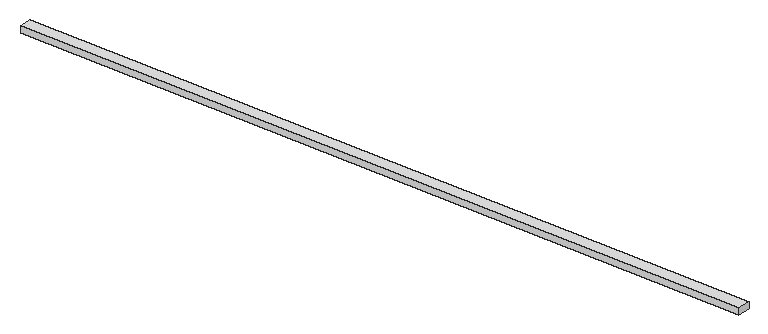
Revit family "MarshallTufflex_ElectricalFittings_TrunkingDado_Mini_MMT5a", category Generic Models, host Face, Revit 2016
Family settings
  Host = Face
  Part Type = Normal
  Can host rebar = No
  Round Connector Dimension = Use Diameter
  OmniClass Number = 23.80.30.17.14
  OmniClass Title = Wireways
  Cut with Voids When Loaded = Yes
  Shared = Yes
  Room Calculation Point = No
Parameters (values of type "MMT5")
  _DistributedBy = "www.bimstore.co.uk"
  _CurrentRevision = 1
  _CreatedBy = "www.marshall-tufflex.com"
  _BimSpecGuid = 0
  _BSBibleVersion = 15
  _AuthorizedBy = "IH"
  _Author = "Marshall-Tufflex Ltd"
  Weekly [instance] = "Please Record On Commisioning"
  WarrantyStartDate [instance] = "Please Record On Commisioning"
  WarrantyID [instance] = "Please Record On Commisioning"
  WarrantyGuarantorParts = "Sales@marshall-tufflex.com"
  WarrantyGuarantorLabor [instance] = "Please Record On Commisioning"
  WarrantyDurationUnit = "Years"
  WarrantyDurationParts = 0
  WarrantyDurationLabor = 0
  WarrantyDescription [instance] = "Please Record On Commisioning"
  URL = "www.marshall-tufflex.com"
  TypeName = "Marshall Tufflex Electrical Fitting Trunking Dado Mini"
  Type Comments = "Dado Trunking Single Compartment With Cover"
  Type = "Trunking"
  Sub-Type = "Dado"
  SquareAngleUp [instance] = no
  SquareAngleDown [instance] = no
  SpareParts = "Sales@marshall-tufflex.com"
  ShippingWeight = 0
  Shape = "50x25mm"
  SerialNumber [instance] = "Please Record On Commisioning"
  ResponsibleSourcingOfMaterials = "n/a"
  ResponsibleExtractionOfMaterials = "n/a"
  ReplacementCost = "Sales@marshall-tufflex.com"
  ReferencedStandard = "BS EN 50085-1"
  ReferenceStandard = "BS EN 50085-1"
  Quarterly [instance] = "Please Record On Commisioning"
  ProductionYear = "2018"
  ProductRange = "Mini"
  ProductModelNumber = "MMT5"
  ProductLiterature = "www.marshall-tufflex.com"
  OverallWidth = 25.000 mm
  OverallLength [instance] = 3000.000 mm
  OverallHeight = 50.000 mm
  O&Mmanual = "www.marshall-tufflex.com"
  NominalLength = 3000.000 mm
  NominalHeight = 50.000 mm
  NominalDepth = 25.000 mm
  NBSReference = "90-55-10/390"
  NBSOfficeMasterTag = "n/a"
  NBSObjectName = "MT MiniTrunkingMMT5"
  NBSNote = ""
  NBSDescription = "Proprietry Tunking"
  Monthly [instance] = "Please Record On Commisioning"
  ModelReference = "Mini"
  ModelNumber = "MMT5"
  Model = "Mini"
  MaterialIngredientReporting = "n/a"
  Material = "PVCu"
  ManufacturerWebsite = "www.marshall-tufflex.com"
  ManufacturerName = "Marshall-Tufflex Ltd"
  Manufacturer = "Marshall-Tufflex Ltd"
  LocationOfManufacturer = "N 50°52'39\" E 0°31'41\""
  LifeCycleAnalysis = "n/a"
  LidConfiguration = "Tamper Proof"
  Keynote = "V90"
  InternalBend [instance] = no
  InstallationDate [instance] = "Please Record On Commisioning"
  IfcExportType = "IfcCableSegmentType"
  IfcExportAs = "IfcFlowSegment"
  GrossWeight = 0
  GreenGuideforSpecification = 0
  Grade = "n/a"
  Fittings = "www.marshall-tufflex.com"
  Finish = "Matt"
  Features = "Variety of sizes, self-fixing and punched options"
  ExternalBend [instance] = no
  ExpectedLife = 0
  ErPEnergyLabel = "n/a"
  EqualSquareTeeUp [instance] = no
  EqualSquareTeeDown [instance] = no
  EnvironmentalProductDeclaration = "n/a"
  EnergyTechnologyList = "n/a"
  EndCapRH [instance] = no
  EndCapLH [instance] = no
  EnclosureRating = "IP4X"
  EmbodiedCarbon = 0
  DurationUnit = "Years"
  DocumentationTechnical = "www.marshall-tufflex.com"
  DocumentationMaintenance = "www.marshall-tufflex.com"
  DocumentationLiterature = "www.marshall-tufflex.com"
  DocumentationInstallationGuide = "www.marshall-tufflex.com"
  DocumentationCertificates = "www.marshall-tufflex.com"
  Description = "Trunking Dado MT Mini MMT5"
  Default Elevation = 1200.000 mm
  Daily [instance] = "Please Record On Commisioning"
  CreatedOn = "2018-11-26T09:00:00"
  CreatedBy = "Sales@marshall-tufflex.com"
  Coupler [instance] = no
  Cost = 0
  Constituents = "Mini Trunking"
  Compartments = "No"
  Colour = "White (RAL9003)"
  Color = "White (RAL9003)"
  CodePerformance = "n/a"
  ClassificationValue = "Pr_65_70_11_61"
  ClassificationName = "Uniclass2015"
  CEApproval = "Yes"
  BespokeTimeframe [instance] = "Please Record On Commisioning"
  BarCode [instance] = "Please Record On Commisioning"
  BIMObjectName = "MarshallTufflex_ElectricalFittings_TrunkingDado_Mini_MMT5"
  AssetType = "Fixed"
  AssetIdentifier [instance] = "Please Record On Commisioning"
  Assembly Code = "D5010"
  Annually [instance] = "Please Record On Commisioning"
  AccessoryBoxDepth = "n/a"
  Accessories = "www.marshall-tufflex.com"
  AccessibilityPerformance = "n/a"
  AccessClearanceTop = 0.000 mm
  AccessClearanceRight = 0.000 mm
  AccessClearanceRear = 0.000 mm
  AccessClearanceLeft = 0.000 mm
  AccessClearanceFront = 0.000 mm
  AccessClearanceBottom = 0.000 mm
  6Monthly [instance] = "Please Record On Commisioning"
Reference planes
  plane 1 "Center (Front/Back)": y = 0
  plane 2: z = 0
  plane 3 "Center (Left/Right)": x = 0
  plane 4: x = 3000
  plane 5: y = -25
  plane 6: y = 25
  plane 7: z = 25
Forms (mm)
  Extrusion 1, solid, material "PVC, Unplasticized"
    sketch origin (0, 0, 0) x (0, 1, 0) y (0, 0, 1)
      loop
        line (25, 0) -> (25, 25) -> (-25, 25) -> (-25, 0) -> (25, 0)
    from 0 to 3000
Dimensions and locks
  "OverallLength": plane 4 to plane 3 "Center (Left/Right)"
  plane 3 "Center (Left/Right)" to plane 4 = 3000.000 mm
  equal spacing: plane 6, plane 1 "Center (Front/Back)", plane 5
  "OverallHeight": plane 6 to plane 5
  "OverallWidth": plane 7 to host face
  aligned and locked: plane 2 to host face
  aligned and locked: level to host face
  aligned and locked: plane 7 to Extrusion 1 sketch curve
  aligned and locked: Extrusion 1 sketch curve to level
  aligned and locked: Extrusion 1 sketch curve to plane 5
  aligned and locked: plane 6 to Extrusion 1 sketch curve
  aligned and locked: Extrusion 1 to plane 4
  aligned and locked: nested 1 to plane 4
  aligned and locked: plane 1 "Center (Front/Back)" to nested 1
  aligned and locked: plane 3 "Center (Left/Right)" to nested 2
  aligned and locked: plane 1 "Center (Front/Back)" to nested 2
  aligned and locked: nested 3 to plane 4
  aligned and locked: plane 1 "Center (Front/Back)" to nested 3
  aligned and locked: plane 4 to nested 5
  aligned and locked: plane 1 "Center (Front/Back)" to nested 5
  aligned and locked: nested 4 to plane 4
  aligned and locked: nested 4 to plane 1 "Center (Front/Back)"
  aligned and locked: nested 6 to plane 4
  aligned and locked: plane 1 "Center (Front/Back)" to nested 6
  aligned and locked: nested 7 to plane 4
  aligned and locked: plane 1 "Center (Front/Back)" to nested 7
  aligned and locked: nested 8 to plane 4
  aligned and locked: plane 1 "Center (Front/Back)" to nested 8
  aligned and locked: plane 4 to nested 9
  aligned and locked: plane 1 "Center (Front/Back)" to nested 9
Automatic sketch dimensions
  host sketch curve to host sketch curve = 2438.400 mm  (x2)
Nested families
  nested 1: "MarshallTufflex_ElectricalFittings_TrunkingDado_Coupler" at (2957.5, 0, 0), visible <- "Coupler", type "MarshallTufflex_ElectricalFittings_TrunkingDado_Mini_Coupler_TC5"
    with Weekly "Please Record On Commisioning", WarrantyStartDate "Please Record On Commisioning", WarrantyID "Please Record On Commisioning", WarrantyGuarantorLabor "Please Record On Commisioning", WarrantyDescription "Please Record On Commisioning", SerialNumber "Please Record On Commisioning", Quarterly "Please Record On Commisioning", Monthly "Please Record On Commisioning", InstallationDate "Please Record On Commisioning", Daily "Please Record On Commisioning", BespokeTimeframe "Please Record On Commisioning", BarCode "Please Record On Commisioning", AssetIdentifier "Please Record On Commisioning", Annually "Please Record On Commisioning", 6Monthly "Please Record On Commisioning"
  nested 2: "MarshallTufflex_ElectricalFittings_TrunkingDado_EndCap" at (-2, 0, 0), visible <- "EndCapLH", type "MarshallTufflex_ElectricalFittings_TrunkingDado_Mini_EndCap_TEC5"
    with Weekly "Please Record On Commisioning", WarrantyStartDate "Please Record On Commisioning", WarrantyID "Please Record On Commisioning", WarrantyGuarantorLabor "Please Record On Commisioning", WarrantyDescription "Please Record On Commisioning", SerialNumber "Please Record On Commisioning", Quarterly "Please Record On Commisioning", Monthly "Please Record On Commisioning", InstallationDate "Please Record On Commisioning", Daily "Please Record On Commisioning", BespokeTimeframe "Please Record On Commisioning", BarCode "Please Record On Commisioning", AssetIdentifier "Please Record On Commisioning", Annually "Please Record On Commisioning", 6Monthly "Please Record On Commisioning"
  nested 3: "MarshallTufflex_ElectricalFittings_TrunkingDado_EndCap" at (3000, 0, 0), visible <- "EndCapRH", type "MarshallTufflex_ElectricalFittings_TrunkingDado_Mini_EndCap_TEC5"
    with Weekly "Please Record On Commisioning", WarrantyStartDate "Please Record On Commisioning", WarrantyID "Please Record On Commisioning", WarrantyGuarantorLabor "Please Record On Commisioning", WarrantyDescription "Please Record On Commisioning", SerialNumber "Please Record On Commisioning", Quarterly "Please Record On Commisioning", Monthly "Please Record On Commisioning", InstallationDate "Please Record On Commisioning", Daily "Please Record On Commisioning", BespokeTimeframe "Please Record On Commisioning", BarCode "Please Record On Commisioning", AssetIdentifier "Please Record On Commisioning", Annually "Please Record On Commisioning", 6Monthly "Please Record On Commisioning"
  nested 4: "MarshallTufflex_ElectricalFittings_TrunkingDado_SquareEqualTee" at (3000, -42.5, 0) x (0, 1, 0) z (0, 0, 1), visible <- "EqualSquareTeeDown", type "MarshallTufflex_ElectricalFittings_TrunkingDado_Mini_EqualSquareTee_TT5-5"
    with Weekly "Please Record On Commisioning", WarrantyStartDate "Please Record On Commisioning", WarrantyID "Please Record On Commisioning", WarrantyGuarantorLabor "Please Record On Commisioning", WarrantyDescription "Please Record On Commisioning", SerialNumber "Please Record On Commisioning", Quarterly "Please Record On Commisioning", Monthly "Please Record On Commisioning", InstallationDate "Please Record On Commisioning", Daily "Please Record On Commisioning", BespokeTimeframe "Please Record On Commisioning", BarCode "Please Record On Commisioning", AssetIdentifier "Please Record On Commisioning", Annually "Please Record On Commisioning", 6Monthly "Please Record On Commisioning"
  nested 5: "MarshallTufflex_ElectricalFittings_TrunkingDado_SquareEqualTee" at (3000, 42.5, 0) x (0, -1, 0) z (0, 0, 1), visible <- "EqualSquareTeeUp", type "MarshallTufflex_ElectricalFittings_TrunkingDado_Mini_EqualSquareTee_TT5-5"
    with Weekly "Please Record On Commisioning", WarrantyStartDate "Please Record On Commisioning", WarrantyID "Please Record On Commisioning", WarrantyGuarantorLabor "Please Record On Commisioning", WarrantyDescription "Please Record On Commisioning", SerialNumber "Please Record On Commisioning", Quarterly "Please Record On Commisioning", Monthly "Please Record On Commisioning", InstallationDate "Please Record On Commisioning", Daily "Please Record On Commisioning", BespokeTimeframe "Please Record On Commisioning", BarCode "Please Record On Commisioning", AssetIdentifier "Please Record On Commisioning", Annually "Please Record On Commisioning", 6Monthly "Please Record On Commisioning"
  nested 6: "MarshallTufflex_ElectricalFittings_TrunkingDado_InternalBend" at (3000, 0, 0), visible <- "InternalBend", type "MarshallTufflex_ElectricalFittings_TrunkingDado_Mini_InternalBend_TIB5"
    with Weekly "Please Record On Commisioning", WarrantyStartDate "Please Record On Commisioning", WarrantyID "Please Record On Commisioning", WarrantyGuarantorLabor "Please Record On Commisioning", WarrantyDescription "Please Record On Commisioning", SerialNumber "Please Record On Commisioning", Quarterly "Please Record On Commisioning", Monthly "Please Record On Commisioning", InstallationDate "Please Record On Commisioning", Daily "Please Record On Commisioning", BespokeTimeframe "Please Record On Commisioning", BarCode "Please Record On Commisioning", AssetIdentifier "Please Record On Commisioning", Annually "Please Record On Commisioning", 6Monthly "Please Record On Commisioning"
  nested 7: "MarshallTufflex_ElectricalFittings_TrunkingDado_ExternalBend" at (3000, 0, 0), visible <- "ExternalBend", type "MarshallTufflex_ElectricalFittings_TrunkingDado_Mini_ExternalBend_TEB5"
    with Weekly "Please Record On Commisioning", WarrantyStartDate "Please Record On Commisioning", WarrantyID "Please Record On Commisioning", WarrantyGuarantorLabor "Please Record On Commisioning", WarrantyDescription "Please Record On Commisioning", SerialNumber "Please Record On Commisioning", Quarterly "Please Record On Commisioning", Monthly "Please Record On Commisioning", InstallationDate "Please Record On Commisioning", Daily "Please Record On Commisioning", BespokeTimeframe "Please Record On Commisioning", BarCode "Please Record On Commisioning", AssetIdentifier "Please Record On Commisioning", Annually "Please Record On Commisioning", 6Monthly "Please Record On Commisioning"
  nested 8: "MarshallTufflex_ElectricalFittings_TrunkingDado_SquareAngle" at (3000, 0, 0), visible <- "SquareAngleDown", type "MarshallTufflex_ElectricalFittings_TrunkingDado_Mini_SquareAngle_TFB5"
    with Weekly "Please Record On Commisioning", WarrantyStartDate "Please Record On Commisioning", WarrantyID "Please Record On Commisioning", WarrantyGuarantorLabor "Please Record On Commisioning", WarrantyDescription "Please Record On Commisioning", SerialNumber "Please Record On Commisioning", Quarterly "Please Record On Commisioning", Monthly "Please Record On Commisioning", InstallationDate "Please Record On Commisioning", Daily "Please Record On Commisioning", BespokeTimeframe "Please Record On Commisioning", BarCode "Please Record On Commisioning", AssetIdentifier "Please Record On Commisioning", Annually "Please Record On Commisioning", 6Monthly "Please Record On Commisioning"
  nested 9: "MarshallTufflex_ElectricalFittings_TrunkingDado_SquareAngle" at (3000, 0, 0) x (0, -1, 0) z (0, 0, 1), visible <- "SquareAngleUp", type "MarshallTufflex_ElectricalFittings_TrunkingDado_Mini_SquareAngle_TFB5"
    with Weekly "Please Record On Commisioning", WarrantyStartDate "Please Record On Commisioning", WarrantyID "Please Record On Commisioning", WarrantyGuarantorLabor "Please Record On Commisioning", WarrantyDescription "Please Record On Commisioning", SerialNumber "Please Record On Commisioning", Quarterly "Please Record On Commisioning", Monthly "Please Record On Commisioning", InstallationDate "Please Record On Commisioning", Daily "Please Record On Commisioning", BespokeTimeframe "Please Record On Commisioning", BarCode "Please Record On Commisioning", AssetIdentifier "Please Record On Commisioning", Annually "Please Record On Commisioning", 6Monthly "Please Record On Commisioning"
Definition of nested family "MarshallTufflex_ElectricalFittings_TrunkingDado_Coupler"
  Parameters (values of type "MarshallTufflex_ElectricalFittings_TrunkingDado_Mini_Coupler_TC6")
    _DistributedBy = "www.bimstore.co.uk"
    _CurrentRevision = 1
    _CreatedBy = "www.marshall-tufflex.com"
    _BimSpecGuid = 0
    _BSBibleVersion = 15
    _AuthorizedBy = ""
    _Author = "Marshall-Tufflex Ltd"
    Weekly [instance] = "Please Record On Commisioning"
    WarrantyStartDate [instance] = "Please Record On Commisioning"
    WarrantyID [instance] = "Please Record On Commisioning"
    WarrantyGuarantorParts = "Sales@marshall-tufflex.com"
    WarrantyGuarantorLabor [instance] = "Please Record On Commisioning"
    WarrantyDurationUnit = "Years"
    WarrantyDurationParts = 0
    WarrantyDurationLabor = 0
    WarrantyDescription [instance] = "Please Record On Commisioning"
    URL = "www.marshall-tufflex.com"
    TypeName = "Marshall Tufflex Electrical Fitting Trunking Dado Mini"
    Type Comments = "Dado Trunking MMT6 Coupler"
    Type = "Trunking"
    Sub-Type = "Fitting"
    SpareParts = "Sales@marshall-tufflex.com"
    ShippingWeight = 0
    Shape = "40x40mm"
    SerialNumber [instance] = "Please Record On Commisioning"
    ResponsibleSourcingOfMaterials = "n/a"
    ResponsibleExtractionOfMaterials = "n/a"
    ReplacementCost = "Sales@marshall-tufflex.com"
    ReferencedStandard = "BS EN 50085-1"
    ReferenceStandard = "BS EN 50085-1"
    Quarterly [instance] = "Please Record On Commisioning"
    ProductionYear = "2018"
    ProductRange = "Mini"
    ProductModelNumber = "TC6"
    ProductLiterature = "www.marshall-tufflex.com"
    OverallWidth = 40.000 mm
    OverallLength = 50.000 mm
    OverallHeight = 40.000 mm
    O&Mmanual = "www.marshall-tufflex.com"
    NominalLength = 50.000 mm
    NominalHeight = 40.000 mm
    NominalDepth = 40.000 mm
    NBSReference = "90-55-10/390"
    NBSOfficeMasterTag = "n/a"
    NBSObjectName = "MT MiniCouplerTC6"
    NBSNote = ""
    NBSDescription = "Proprietry Tunking"
    Monthly [instance] = "Please Record On Commisioning"
    ModelReference = "Mini"
    ModelNumber = "TC6"
    Model = "Mini"
    MaterialIngredientReporting = "n/a"
    Material = "PVCu"
    ManufacturerWebsite = "www.marshall-tufflex.com"
    ManufacturerName = "Marshall-Tufflex Ltd"
    Manufacturer = "Marshall-Tufflex Ltd"
    LocationOfManufacturer = "N 50°52'39\" E 0°31'41\""
    LifeCycleAnalysis = "n/a"
    LidConfiguration = "Tamper Proof"
    Keynote = "V90"
    InstallationDate [instance] = "Please Record On Commisioning"
    IfcExportType = "IfcCableSegmentType"
    IfcExportAs = "IfcFlowSegment"
    GrossWeight = 0
    GreenGuideforSpecification = 0
    Grade = "n/a"
    Fittings = "www.marshall-tufflex.com"
    Finish = "Matt"
    Features = "Variety of sizes, self-fixing and punched options"
    ExpectedLife = 0
    ErPEnergyLabel = "n/a"
    EnvironmentalProductDeclaration = "n/a"
    EnergyTechnologyList = "n/a"
    EnclosureRating = "IP4X"
    EmbodiedCarbon = 0
    DurationUnit = "Years"
    DocumentationTechnical = "www.marshall-tufflex.com"
    DocumentationMaintenance = "www.marshall-tufflex.com"
    DocumentationLiterature = "www.marshall-tufflex.com"
    DocumentationInstallationGuide = "www.marshall-tufflex.com"
    DocumentationCertificates = "www.marshall-tufflex.com"
    Description = "Trunking Dado MT Mini Coupler TC6"
    Default Elevation = 1200.000 mm
    DatumLine = OverallLength / 2  # 25.000 mm
    Daily [instance] = "Please Record On Commisioning"
    CreatedOn = "2018-11-26T09:00:00"
    CreatedBy = "Sales@marshall-tufflex.com"
    Cost = 0
    Constituents = "Mini Trunking"
    Compartments = "No"
    Colour = "White (RAL9003)"
    Color = "White (RAL9003)"
    CodePerformance = "n/a"
    ClassificationValue = "Pr_65_70_11_61"
    ClassificationName = "Uniclass2015"
    CEApproval = "Yes"
    BespokeTimeframe [instance] = "Please Record On Commisioning"
    BarCode [instance] = "Please Record On Commisioning"
    BIMObjectName = "MarshallTufflex_ElectricalFittings_TrunkingDado_Mini_Coupler_TC6"
    AssetType = "Fixed"
    AssetIdentifier [instance] = "Please Record On Commisioning"
    Assembly Code = "D5010"
    Annually [instance] = "Please Record On Commisioning"
    AccessoryBoxDepth = "n/a"
    Accessories = "www.marshall-tufflex.com"
    AccessibilityPerformance = "n/a"
    AccessClearanceTop = 0.000 mm
    AccessClearanceRight = 0.000 mm
    AccessClearanceRear = 0.000 mm
    AccessClearanceLeft = 0.000 mm
    AccessClearanceFront = 0.000 mm
    AccessClearanceBottom = 0.000 mm
    6Monthly [instance] = "Please Record On Commisioning"
  Types (6, lengths in mm): name | Type Comments | Shape | ProductModelNumber | OverallWidth | OverallLength | OverallHeight | NominalLength | NominalHeight | NominalDepth | NBSObjectName | ModelNumber | Description | DatumLine | BIMObjectName
    MarshallTufflex_ElectricalFittings_TrunkingDado_Mini_Coupler_TC1 | "Dado Trunking MMT1 Coupler" | "19x18mm" | "TC1" | 18.000 | 45.000 | 19.000 | 45.000 | 19.000 | 18.000 | "MT MiniCouplerTC1" | "TC1" | "Trunking Dado MT Mini Coupler TC1" | 22.500 | "MarshallTufflex_ElectricalFittings_TrunkingDado_Mini_Coupler_TC1"
    MarshallTufflex_ElectricalFittings_TrunkingDado_Mini_Coupler_TC2 | "Dado Trunking MMT2 Coupler" | "28x18mm" | "TC2" | 18.000 | 45.000 | 28.000 | 45.000 | 28.000 | 18.000 | "MT MiniCouplerTC2" | "TC2" | "Trunking Dado MT Mini Coupler TC2" | 22.500 | "MarshallTufflex_ElectricalFittings_TrunkingDado_Mini_Coupler_TC2"
    MarshallTufflex_ElectricalFittings_TrunkingDado_Mini_Coupler_TC3 | "Dado Trunking MMT3 Coupler" | "41x18mm" | "TC3" | 18.000 | 45.000 | 41.000 | 45.000 | 41.000 | 18.000 | "MT MiniCouplerTC3" | "TC3" | "Trunking Dado MT Mini Coupler TC3" | 22.500 | "MarshallTufflex_ElectricalFittings_TrunkingDado_Mini_Coupler_TC3"
    MarshallTufflex_ElectricalFittings_TrunkingDado_Mini_Coupler_TC4 | "Dado Trunking MMT4 Coupler" | "41x27mm" | "TC4" | 27.000 | 45.000 | 41.000 | 45.000 | 41.000 | 27.000 | "MT MiniCouplerTC4" | "TC4" | "Trunking Dado MT Mini Coupler TC4" | 22.500 | "MarshallTufflex_ElectricalFittings_TrunkingDado_Mini_Coupler_TC4"
    MarshallTufflex_ElectricalFittings_TrunkingDado_Mini_Coupler_TC5 | "Dado Trunking MMT5 Coupler" | "53x27mm" | "TC5" | 27.000 | 85.000 | 53.000 | 85.000 | 53.000 | 27.000 | "MT MiniCouplerTC5" | "TC5" | "Trunking Dado MT Mini Coupler TC5" | 42.500 | "MarshallTufflex_ElectricalFittings_TrunkingDado_Mini_Coupler_TC5"
    MarshallTufflex_ElectricalFittings_TrunkingDado_Mini_Coupler_TC6 | "Dado Trunking MMT6 Coupler" | "40x40mm" | "TC6" | 40.000 | 50.000 | 40.000 | 50.000 | 40.000 | 40.000 | "MT MiniCouplerTC6" | "TC6" | "Trunking Dado MT Mini Coupler TC6" | 25.000 | "MarshallTufflex_ElectricalFittings_TrunkingDado_Mini_Coupler_TC6"
  Reference planes
    plane 1 "Center (Front/Back)": y = 0
    plane 2: z = 0
    plane 3 "Center (Left/Right)": x = 0
    plane 4: x = 50
    plane 5: y = -20
    plane 6: y = 20
    plane 7: z = 40
    plane 8: x = 25
  Forms (mm)
    Extrusion 1, solid
      sketch origin (0, 0, 0) x (1, 0, 0) y (0, 1, 0)
        loop
          line (-1219.2, 1219.2) -> (-1219.2, -1219.2) -> (1219.2, -1219.2) -> (1219.2, 1219.2) -> (-1219.2, 1219.2)
      from 0 to -304.8
    Extrusion 2, solid
      sketch origin (0, 0, 0) x (1, 0, 0) y (0, 1, 0)
        loop
          line (0, -20) -> (50, -20) -> (50, 20) -> (0, 20) -> (0, -20)
      from 0 to 40
  Dimensions and locks
    "OverallLength": plane 4 to plane 3 "Center (Left/Right)"
    plane 3 "Center (Left/Right)" to plane 4 = 50.000 mm
    equal spacing: plane 6, plane 1 "Center (Front/Back)", plane 5
    "OverallHeight": plane 6 to plane 5
    "OverallWidth": plane 7 to Extrusion 1
    "DatumLine": plane 3 "Center (Left/Right)" to plane 8
    aligned and locked: plane 2 to Extrusion 1
    aligned and locked: level to Extrusion 1
    aligned and locked: plane 6 to Extrusion 2 sketch curve
    aligned and locked: Extrusion 2 sketch curve to plane 5
    aligned and locked: Extrusion 2 sketch curve to plane 4
    aligned and locked: Extrusion 2 sketch curve to plane 3 "Center (Left/Right)"
    aligned and locked: plane 7 to Extrusion 2
  Automatic sketch dimensions
    Extrusion 1 sketch curve to Extrusion 1 sketch curve = 2438.400 mm  (x2)
Definition of nested family "MarshallTufflex_ElectricalFittings_TrunkingDado_EndCap"
  Parameters (values of type "MarshallTufflex_ElectricalFittings_TrunkingDado_Mini_EndCap_TEC1")
    _DistributedBy = "www.bimstore.co.uk"
    _CurrentRevision = 1
    _CreatedBy = "www.marshall-tufflex.com"
    _BimSpecGuid = 0
    _BSBibleVersion = 15
    _AuthorizedBy = ""
    _Author = "Marshall-Tufflex Ltd"
    Weekly [instance] = "Please Record On Commisioning"
    WarrantyStartDate [instance] = "Please Record On Commisioning"
    WarrantyID [instance] = "Please Record On Commisioning"
    WarrantyGuarantorParts = "Sales@marshall-tufflex.com"
    WarrantyGuarantorLabor [instance] = "Please Record On Commisioning"
    WarrantyDurationUnit = "Years"
    WarrantyDurationParts = 0
    WarrantyDurationLabor = 0
    WarrantyDescription [instance] = "Please Record On Commisioning"
    URL = "www.marshall-tufflex.com"
    TypeName = "Marshall Tufflex Electrical Fitting Trunking Dado Mini"
    Type Comments = "Dado Trunking MMT1 End Cap"
    Type = "Trunking"
    Sub-Type = "Fitting"
    SpareParts = "Sales@marshall-tufflex.com"
    ShippingWeight = 0
    Shape = "16x16mm"
    SerialNumber [instance] = "Please Record On Commisioning"
    ResponsibleSourcingOfMaterials = "n/a"
    ResponsibleExtractionOfMaterials = "n/a"
    ReplacementCost = "Sales@marshall-tufflex.com"
    ReferencedStandard = "BS EN 50085-1"
    ReferenceStandard = "BS EN 50085-1"
    Quarterly [instance] = "Please Record On Commisioning"
    ProductionYear = "2018"
    ProductRange = "Mini"
    ProductModelNumber = "TEC1"
    ProductLiterature = "www.marshall-tufflex.com"
    OverallWidth = 16.000 mm
    OverallLength = 2.000 mm
    OverallHeight = 16.000 mm
    O&Mmanual = "www.marshall-tufflex.com"
    NominalLength = 2.000 mm
    NominalHeight = 16.000 mm
    NominalDepth = 16.000 mm
    NBSReference = "90-55-10/390"
    NBSOfficeMasterTag = "n/a"
    NBSObjectName = "MT MiniEndCapTEC1"
    NBSNote = ""
    NBSDescription = "Proprietry Tunking"
    Monthly [instance] = "Please Record On Commisioning"
    ModelReference = "Mini"
    ModelNumber = "TEC1"
    Model = "Mini"
    MaterialIngredientReporting = "n/a"
    Material = "PVCu"
    ManufacturerWebsite = "www.marshall-tufflex.com"
    ManufacturerName = "Marshall-Tufflex Ltd"
    Manufacturer = "Marshall-Tufflex Ltd"
    LocationOfManufacturer = "N 50°52'39\" E 0°31'41\""
    LifeCycleAnalysis = "n/a"
    LidConfiguration = "Tamper Proof"
    Keynote = "V90"
    InstallationDate [instance] = "Please Record On Commisioning"
    IfcExportType = "IfcCableSegmentType"
    IfcExportAs = "IfcFlowSegment"
    GrossWeight = 0
    GreenGuideforSpecification = 0
    Grade = "n/a"
    Fittings = "www.marshall-tufflex.com"
    Finish = "Matt"
    Features = "Variety of sizes, self-fixing and punched options"
    ExpectedLife = 0
    ErPEnergyLabel = "n/a"
    EnvironmentalProductDeclaration = "n/a"
    EnergyTechnologyList = "n/a"
    EnclosureRating = "IP4X"
    EmbodiedCarbon = 0
    DurationUnit = "Years"
    DocumentationTechnical = "www.marshall-tufflex.com"
    DocumentationMaintenance = "www.marshall-tufflex.com"
    DocumentationLiterature = "www.marshall-tufflex.com"
    DocumentationInstallationGuide = "www.marshall-tufflex.com"
    DocumentationCertificates = "www.marshall-tufflex.com"
    Description = "Trunking Dado MT Mini End Cap TEC1"
    Default Elevation = 1200.000 mm
    Daily [instance] = "Please Record On Commisioning"
    CreatedOn = "2018-11-26T09:00:00"
    CreatedBy = "Sales@marshall-tufflex.com"
    Cost = 0
    Constituents = "Mini Trunking"
    Compartments = "No"
    Colour = "White (RAL9003)"
    Color = "White (RAL9003)"
    CodePerformance = "n/a"
    ClassificationValue = "Pr_65_70_11_61"
    ClassificationName = "Uniclass2015"
    CEApproval = "Yes"
    BespokeTimeframe [instance] = "Please Record On Commisioning"
    BarCode [instance] = "Please Record On Commisioning"
    BIMObjectName = "MarshallTufflex_ElectricalFittings_TrunkingDado_Mini_EndCap_TEC1"
    AssetType = "Fixed"
    AssetIdentifier [instance] = "Please Record On Commisioning"
    Assembly Code = "D5010"
    Annually [instance] = "Please Record On Commisioning"
    AccessoryBoxDepth = "n/a"
    Accessories = "www.marshall-tufflex.com"
    AccessibilityPerformance = "n/a"
    AccessClearanceTop = 0.000 mm
    AccessClearanceRight = 0.000 mm
    AccessClearanceRear = 0.000 mm
    AccessClearanceLeft = 0.000 mm
    AccessClearanceFront = 0.000 mm
    AccessClearanceBottom = 0.000 mm
    6Monthly [instance] = "Please Record On Commisioning"
  Types (6, lengths in mm): name | Type Comments | Shape | ProductModelNumber | OverallWidth | OverallHeight | NominalHeight | NominalDepth | NBSObjectName | ModelNumber | Description | BIMObjectName
    MarshallTufflex_ElectricalFittings_TrunkingDado_Mini_EndCap_TEC1 | "Dado Trunking MMT1 End Cap" | "16x16mm" | "TEC1" | 16.000 | 16.000 | 16.000 | 16.000 | "MT MiniEndCapTEC1" | "TEC1" | "Trunking Dado MT Mini End Cap TEC1" | "MarshallTufflex_ElectricalFittings_TrunkingDado_Mini_EndCap_TEC1"
    MarshallTufflex_ElectricalFittings_TrunkingDado_Mini_EndCap_TEC2 | "Dado Trunking MMT2 End Cap" | "25x16mm" | "TEC2" | 16.000 | 25.000 | 25.000 | 16.000 | "MT MiniEndCapTEC2" | "TEC2" | "Trunking Dado MT Mini End Cap TEC2" | "MarshallTufflex_ElectricalFittings_TrunkingDado_Mini_EndCap_TEC2"
    MarshallTufflex_ElectricalFittings_TrunkingDado_Mini_EndCap_TEC3 | "Dado Trunking MMT3 End Cap" | "38x16mm" | "TEC3" | 16.000 | 38.000 | 38.000 | 16.000 | "MT MiniEndCapTEC3" | "TEC3" | "Trunking Dado MT Mini End Cap TEC3" | "MarshallTufflex_ElectricalFittings_TrunkingDado_Mini_EndCap_TEC3"
    MarshallTufflex_ElectricalFittings_TrunkingDado_Mini_EndCap_TEC4 | "Dado Trunking MMT4 End Cap" | "38x25mm" | "TEC4" | 25.000 | 38.000 | 38.000 | 25.000 | "MT MiniEndCapTEC4" | "TEC4" | "Trunking Dado MT Mini End Cap TEC4" | "MarshallTufflex_ElectricalFittings_TrunkingDado_Mini_EndCap_TEC4"
    MarshallTufflex_ElectricalFittings_TrunkingDado_Mini_EndCap_TEC5 | "Dado Trunking MMT5 End Cap" | "50x25mm" | "TEC5" | 25.000 | 50.000 | 50.000 | 25.000 | "MT MiniEndCapTEC5" | "TEC5" | "Trunking Dado MT Mini End Cap TEC5" | "MarshallTufflex_ElectricalFittings_TrunkingDado_Mini_EndCap_TEC5"
    MarshallTufflex_ElectricalFittings_TrunkingDado_Mini_EndCap_TEC6 | "Dado Trunking MMT6 End Cap" | "38x38mm" | "TEC6" | 38.000 | 38.000 | 38.000 | 38.000 | "MT MiniEndCapTEC6" | "TEC6" | "Trunking Dado MT Mini End Cap TEC6" | "MarshallTufflex_ElectricalFittings_TrunkingDado_Mini_EndCap_TEC6"
  Reference planes
    plane 1 "Center (Front/Back)": y = 0
    plane 2: z = 0
    plane 3 "Center (Left/Right)": x = 0
    plane 4: x = 2
    plane 5: y = -8
    plane 6: y = 8
    plane 7: z = 16
  Forms (mm)
    Extrusion 1, solid
      sketch origin (0, 0, 0) x (1, 0, 0) y (0, 1, 0)
        loop
          line (-1219.2, 1219.2) -> (-1219.2, -1219.2) -> (1219.2, -1219.2) -> (1219.2, 1219.2) -> (-1219.2, 1219.2)
      from 0 to -304.8
    Extrusion 2, solid
      sketch origin (0, 0, 0) x (0, 1, 0) y (0, 0, 1)
        loop
          line (8, 16) -> (-8, 16) -> (-8, 0) -> (8, 0) -> (8, 16)
      from 0 to 2
  Dimensions and locks
    "OverallLength": plane 4 to plane 3 "Center (Left/Right)"
    plane 3 "Center (Left/Right)" to plane 4 = 2.000 mm
    equal spacing: plane 6, plane 1 "Center (Front/Back)", plane 5
    "OverallHeight": plane 6 to plane 5
    "OverallWidth": plane 7 to Extrusion 1
    aligned and locked: plane 2 to Extrusion 1
    aligned and locked: level to Extrusion 1
    aligned and locked: plane 7 to Extrusion 2 sketch curve
    aligned and locked: plane 6 to Extrusion 2 sketch curve
    aligned and locked: Extrusion 2 sketch curve to level
    aligned and locked: Extrusion 2 sketch curve to plane 5
    aligned and locked: Extrusion 2 to plane 4
  Automatic sketch dimensions
    Extrusion 1 sketch curve to Extrusion 1 sketch curve = 2438.400 mm  (x2)
Definition of nested family "MarshallTufflex_ElectricalFittings_TrunkingDado_SquareEqualTee"
  Parameters (values of type "MarshallTufflex_ElectricalFittings_TrunkingDado_Mini_EqualSquareTee_TT4-4")
    _DistributedBy = "www.bimstore.co.uk"
    _CurrentRevision = 1
    _CreatedBy = "www.marshall-tufflex.com"
    _BimSpecGuid = 0
    _BSBibleVersion = 15
    _AuthorizedBy = ""
    _Author = "Marshall-Tufflex Ltd"
    Weekly [instance] = "Please Record On Commisioning"
    WarrantyStartDate [instance] = "Please Record On Commisioning"
    WarrantyID [instance] = "Please Record On Commisioning"
    WarrantyGuarantorParts = "Sales@marshall-tufflex.com"
    WarrantyGuarantorLabor [instance] = "Please Record On Commisioning"
    WarrantyDurationUnit = "Years"
    WarrantyDurationParts = 0
    WarrantyDurationLabor = 0
    WarrantyDescription [instance] = "Please Record On Commisioning"
    URL = "www.marshall-tufflex.com"
    TypeName = "Marshall Tufflex Electrical Fitting Trunking Dado Mini"
    Type Comments = "Dado Trunking MMT4 Equal Square Tee"
    Type = "Trunking"
    Sub-Type = "Fitting"
    SpareParts = "Sales@marshall-tufflex.com"
    ShippingWeight = 0
    Shape = "41x27mm"
    SerialNumber [instance] = "Please Record On Commisioning"
    ResponsibleSourcingOfMaterials = "n/a"
    ResponsibleExtractionOfMaterials = "n/a"
    ReplacementCost = "Sales@marshall-tufflex.com"
    ReferencedStandard = "BS EN 50085-1"
    ReferenceStandard = "BS EN 50085-1"
    Quarterly [instance] = "Please Record On Commisioning"
    ProductionYear = "2018"
    ProductRange = "Mini"
    ProductModelNumber = "TT4-4"
    ProductLiterature = "www.marshall-tufflex.com"
    OverallWidth = 57.000 mm
    OverallLength = 73.000 mm
    OverallHeight = 27.000 mm
    O&Mmanual = "www.marshall-tufflex.com"
    NominalLength = NominalDepth / 2  # 20.500 mm
    NominalHeight = 27.000 mm
    NominalDepth = 41.000 mm
    NBSReference = "90-55-10/390"
    NBSOfficeMasterTag = "n/a"
    NBSObjectName = "MT MiniEqualSquareTeeTT4-4"
    NBSNote = ""
    NBSDescription = "Proprietry Tunking"
    Monthly [instance] = "Please Record On Commisioning"
    ModelReference = "Mini"
    ModelNumber = "TT4-4"
    Model = "Mini"
    MaterialIngredientReporting = "n/a"
    Material = "PVCu"
    ManufacturerWebsite = "www.marshall-tufflex.com"
    ManufacturerName = "Marshall-Tufflex Ltd"
    Manufacturer = "Marshall-Tufflex Ltd"
    LocationOfManufacturer = "N 50°52'39\" E 0°31'41\""
    LifeCycleAnalysis = "n/a"
    LidConfiguration = "Tamper Proof"
    Keynote = "V90"
    InstallationDate [instance] = "Please Record On Commisioning"
    IfcExportType = "IfcCableSegmentType"
    IfcExportAs = "IfcFlowSegment"
    GrossWeight = 0
    GreenGuideforSpecification = 0
    Grade = "n/a"
    Fittings = "www.marshall-tufflex.com"
    Finish = "Matt"
    Features = "Variety of sizes, self-fixing and punched options"
    ExpectedLife = 0
    ErPEnergyLabel = "n/a"
    EnvironmentalProductDeclaration = "n/a"
    EnergyTechnologyList = "n/a"
    EnclosureRating = "IP4X"
    EmbodiedCarbon = 0
    DurationUnit = "Years"
    DocumentationTechnical = "www.marshall-tufflex.com"
    DocumentationMaintenance = "www.marshall-tufflex.com"
    DocumentationLiterature = "www.marshall-tufflex.com"
    DocumentationInstallationGuide = "www.marshall-tufflex.com"
    DocumentationCertificates = "www.marshall-tufflex.com"
    Description = "Trunking Dado MT Mini Equal Square Tee TT4-4"
    Default Elevation = 1200.000 mm
    Daily [instance] = "Please Record On Commisioning"
    CreatedOn = "2018-11-26T09:00:00"
    CreatedBy = "Sales@marshall-tufflex.com"
    Cost = 0
    Constituents = "Mini Trunking"
    Compartments = "No"
    Colour = "White (RAL9003)"
    Color = "White (RAL9003)"
    CodePerformance = "n/a"
    ClassificationValue = "Pr_65_70_11_61"
    ClassificationName = "Uniclass2015"
    CEApproval = "Yes"
    BespokeTimeframe [instance] = "Please Record On Commisioning"
    BarCode [instance] = "Please Record On Commisioning"
    BIMObjectName = "MarshallTufflex_ElectricalFittings_TrunkingDado_Mini_EqualSquareTee_TT4-4"
    AssetType = "Fixed"
    AssetIdentifier [instance] = "Please Record On Commisioning"
    Assembly Code = "D5010"
    Annually [instance] = "Please Record On Commisioning"
    AccessoryBoxDepth = "n/a"
    Accessories = "www.marshall-tufflex.com"
    AccessibilityPerformance = "n/a"
    AccessClearanceTop = 0.000 mm
    AccessClearanceRight = 0.000 mm
    AccessClearanceRear = 0.000 mm
    AccessClearanceLeft = 0.000 mm
    AccessClearanceFront = 0.000 mm
    AccessClearanceBottom = 0.000 mm
    6Monthly [instance] = "Please Record On Commisioning"
  Types (6, lengths in mm): name | Type Comments | Shape | ProductModelNumber | OverallWidth | OverallLength | OverallHeight | NominalLength | NominalHeight | NominalDepth | NBSObjectName | ModelNumber | Description | BIMObjectName
    MarshallTufflex_ElectricalFittings_TrunkingDado_Mini_EqualSquareTee_TT1-1 | "Dado Trunking MMT1 Equal Square Tee" | "19x18mm" | "TT1-1" | 35.000 | 51.000 | 18.000 | 9.500 | 18.000 | 19.000 | "MT MiniEqualSquareTeeTT1-1" | "TT1-1" | "Trunking Dado MT Mini Equal Square Tee TT1-1" | "MarshallTufflex_ElectricalFittings_TrunkingDado_Mini_EqualSquareTee_TT1-1"
    MarshallTufflex_ElectricalFittings_TrunkingDado_Mini_EqualSquareTee_TT2-2 | "Dado Trunking MMT2 Equal Square Tee" | "28x18mm" | "TT2-2" | 44.000 | 60.000 | 18.000 | 14.000 | 18.000 | 28.000 | "MT MiniEqualSquareTeeTT2-2" | "TT2-2" | "Trunking Dado MT Mini Equal Square Tee TT2-2" | "MarshallTufflex_ElectricalFittings_TrunkingDado_Mini_EqualSquareTee_TT2-2"
    MarshallTufflex_ElectricalFittings_TrunkingDado_Mini_EqualSquareTee_TT3-3 | "Dado Trunking MMT3 Equal Square Tee" | "38x16mm" | "TT3-3" | 57.000 | 73.000 | 18.000 | 20.500 | 18.000 | 41.000 | "MT MiniEqualSquareTeeTT3-3" | "TT3-3" | "Trunking Dado MT Mini Equal Square Tee TT3-3" | "MarshallTufflex_ElectricalFittings_TrunkingDado_Mini_EqualSquareTee_TT3-3"
    MarshallTufflex_ElectricalFittings_TrunkingDado_Mini_EqualSquareTee_TT4-4 | "Dado Trunking MMT4 Equal Square Tee" | "41x27mm" | "TT4-4" | 57.000 | 73.000 | 27.000 | 20.500 | 27.000 | 41.000 | "MT MiniEqualSquareTeeTT4-4" | "TT4-4" | "Trunking Dado MT Mini Equal Square Tee TT4-4" | "MarshallTufflex_ElectricalFittings_TrunkingDado_Mini_EqualSquareTee_TT4-4"
    MarshallTufflex_ElectricalFittings_TrunkingDado_Mini_EqualSquareTee_TT5-5 | "Dado Trunking MMT5 Equal Square Tee" | "53x27mm" | "TT5-5" | 69.000 | 85.000 | 27.000 | 26.500 | 27.000 | 53.000 | "MT MiniEqualSquareTeeTT5-5" | "TT5-5" | "Trunking Dado MT Mini Equal Square Tee TT5-5" | "MarshallTufflex_ElectricalFittings_TrunkingDado_Mini_EqualSquareTee_TT5-5"
    MarshallTufflex_ElectricalFittings_TrunkingDado_Mini_EqualSquareTee_TT6-6 | "Dado Trunking MMT6 Equal Square Tee" | "40x40mm" | "TT6-6" | 58.000 | 73.000 | 40.000 | 20.000 | 40.000 | 40.000 | "MT MiniEqualSquareTeeTT6-6" | "TT6-6" | "Trunking Dado MT Mini Equal Square Tee TT6-6" | "MarshallTufflex_ElectricalFittings_TrunkingDado_Mini_EqualSquareTee_TT6-6"
  Reference planes
    plane 1 "Center (Front/Back)": y = 0
    plane 2: z = 0
    plane 3 "Center (Left/Right)": x = 0
    plane 4: y = 20.5
    plane 5: y = -20.5
    plane 6: x = 57
    plane 7: x = 16
    plane 8: z = 27
    plane 9: y = 36.5
    plane 10: y = -36.5
    plane 11: x = 36.5
  Forms (mm)
    Extrusion 1, solid
      sketch origin (0, 0, 0) x (1, 0, 0) y (0, 1, 0)
        loop
          line (-1219.2, 1219.2) -> (-1219.2, -1219.2) -> (1219.2, -1219.2) -> (1219.2, 1219.2) -> (-1219.2, 1219.2)
      from 0 to -304.8
    Extrusion 2, solid
      sketch origin (0, 0, 0) x (1, 0, 0) y (0, 1, 0)
        loop
          line (0, 20.5) -> (0, -20.5) -> (16, -20.5) -> (16, -36.5) -> (57, -36.5) -> (57, 36.5) -> (16, 36.5) -> (16, 20.5) -> (0, 20.5)
      from 0 to 27
  Dimensions and locks
    equal spacing: plane 4, plane 1 "Center (Front/Back)", plane 5
    "NominalDepth": plane 4 to plane 5
    "NominalDepth": plane 7 to plane 6
    "OverallWidth": plane 3 "Center (Left/Right)" to plane 6
    "NominalHeight": Extrusion 1 to plane 8
    equal spacing: plane 9, plane 1 "Center (Front/Back)", plane 10
    "OverallLength": plane 9 to plane 10
    "NominalLength": plane 7 to plane 11
    aligned and locked: plane 2 to Extrusion 1
    aligned and locked: level to Extrusion 1
    aligned and locked: Extrusion 2 sketch curve to plane 7  (x2)
    aligned and locked: Extrusion 2 sketch curve to plane 9
    aligned and locked: Extrusion 2 sketch curve to plane 4
    aligned and locked: plane 3 "Center (Left/Right)" to Extrusion 2 sketch curve
    aligned and locked: plane 5 to Extrusion 2 sketch curve
    aligned and locked: Extrusion 2 sketch curve to plane 10
    aligned and locked: Extrusion 2 sketch curve to plane 6
    aligned and locked: plane 8 to Extrusion 2
  Automatic sketch dimensions
    Extrusion 1 sketch curve to Extrusion 1 sketch curve = 2438.400 mm  (x2)
Definition of nested family "MarshallTufflex_ElectricalFittings_TrunkingDado_InternalBend"
  Parameters (values of type "MarshallTufflex_ElectricalFittings_TrunkingDado_Mini_InternalBend_TIB5")
    _DistributedBy = "www.bimstore.co.uk"
    _CurrentRevision = 1
    _CreatedBy = "www.marshall-tufflex.com"
    _BimSpecGuid = 0
    _BSBibleVersion = 15
    _AuthorizedBy = ""
    _Author = "Marshall-Tufflex Ltd"
    Weekly [instance] = "Please Record On Commisioning"
    WarrantyStartDate [instance] = "Please Record On Commisioning"
    WarrantyID [instance] = "Please Record On Commisioning"
    WarrantyGuarantorParts = "Sales@marshall-tufflex.com"
    WarrantyGuarantorLabor [instance] = "Please Record On Commisioning"
    WarrantyDurationUnit = "Years"
    WarrantyDurationParts = 0
    WarrantyDurationLabor = 0
    WarrantyDescription [instance] = "Please Record On Commisioning"
    URL = "www.marshall-tufflex.com"
    TypeName = "Marshall Tufflex Electrical Fitting Trunking Dado Mini"
    Type Comments = "Dado Trunking MMT5 Internal Bend"
    Type = "Trunking"
    Sub-Type = "Fitting"
    SpareParts = "Sales@marshall-tufflex.com"
    ShippingWeight = 0
    Shape = "50x25mm"
    SerialNumber [instance] = "Please Record On Commisioning"
    ResponsibleSourcingOfMaterials = "n/a"
    ResponsibleExtractionOfMaterials = "n/a"
    ReplacementCost = "Sales@marshall-tufflex.com"
    ReferencedStandard = "BS EN 50085-1"
    ReferenceStandard = "BS EN 50085-1"
    Quarterly [instance] = "Please Record On Commisioning"
    ProductionYear = "2018"
    ProductRange = "Mini"
    ProductModelNumber = "TIB5"
    ProductLiterature = "www.marshall-tufflex.com"
    OverallWidth = 53.000 mm
    OverallLength = 44.000 mm
    OverallHeight = 27.000 mm
    O&Mmanual = "www.marshall-tufflex.com"
    NominalLength = 0.000 mm
    NominalHeight = 0.000 mm
    NominalDepth = 0.000 mm
    NBSReference = "90-55-10/390"
    NBSOfficeMasterTag = "n/a"
    NBSObjectName = "MT MiniInternalBendTIB5"
    NBSNote = ""
    NBSDescription = "Proprietry Tunking"
    Monthly [instance] = "Please Record On Commisioning"
    ModelReference = "Mini"
    ModelNumber = "TIB5"
    Model = "Mini"
    MaterialIngredientReporting = "n/a"
    Material = "PVCu"
    ManufacturerWebsite = "www.marshall-tufflex.com"
    ManufacturerName = "Marshall-Tufflex Ltd"
    Manufacturer = "Marshall-Tufflex Ltd"
    LocationOfManufacturer = "N 50°52'39\" E 0°31'41\""
    LifeCycleAnalysis = "n/a"
    LidConfiguration = "Tamper Proof"
    Keynote = "V90"
    InstallationDate [instance] = "Please Record On Commisioning"
    IfcExportType = "IfcCableSegmentType"
    IfcExportAs = "IfcFlowSegment"
    GrossWeight = 0
    GreenGuideforSpecification = 0
    Grade = "n/a"
    Fittings = "www.marshall-tufflex.com"
    Finish = "Matt"
    Features = "Variety of sizes, self-fixing and punched options"
    ExpectedLife = 0
    ErPEnergyLabel = "n/a"
    EnvironmentalProductDeclaration = "n/a"
    EnergyTechnologyList = "n/a"
    EnclosureRating = "IP4X"
    EmbodiedCarbon = 0
    DurationUnit = "Years"
    DocumentationTechnical = "www.marshall-tufflex.com"
    DocumentationMaintenance = "www.marshall-tufflex.com"
    DocumentationLiterature = "www.marshall-tufflex.com"
    DocumentationInstallationGuide = "www.marshall-tufflex.com"
    DocumentationCertificates = "www.marshall-tufflex.com"
    Description = "Trunking Dado MT Mini Internal Bend TIB5"
    Default Elevation = 1200.000 mm
    Daily [instance] = "Please Record On Commisioning"
    CreatedOn = "2018-11-26T09:00:00"
    CreatedBy = "Sales@marshall-tufflex.com"
    Cost = 0
    Constituents = "Mini Trunking"
    Compartments = "No"
    Colour = "White (RAL9003)"
    Color = "White (RAL9003)"
    CodePerformance = "n/a"
    ClassificationValue = "Pr_65_70_11_61"
    ClassificationName = "Uniclass2015"
    CEApproval = "Yes"
    BespokeTimeframe [instance] = "Please Record On Commisioning"
    BarCode [instance] = "Please Record On Commisioning"
    BIMObjectName = "MarshallTufflex_ElectricalFittings_TrunkingDado_Mini_InternalBend_TIB5"
    AssetType = "Fixed"
    AssetIdentifier [instance] = "Please Record On Commisioning"
    Assembly Code = "D5010"
    Annually [instance] = "Please Record On Commisioning"
    AccessoryBoxDepth = "n/a"
    Accessories = "www.marshall-tufflex.com"
    AccessibilityPerformance = "n/a"
    AccessClearanceTop = 0.000 mm
    AccessClearanceRight = 0.000 mm
    AccessClearanceRear = 0.000 mm
    AccessClearanceLeft = 0.000 mm
    AccessClearanceFront = 0.000 mm
    AccessClearanceBottom = 0.000 mm
    6Monthly [instance] = "Please Record On Commisioning"
  Types (6, lengths in mm): name | Type Comments | Shape | ProductModelNumber | OverallWidth | OverallLength | OverallHeight | NBSObjectName | ModelNumber | Description | CreatedOn | BIMObjectName
    MarshallTufflex_ElectricalFittings_TrunkingDado_Mini_InternalBend_TIB1 | "Dado Trunking MMT1 Internal Bend" | "16x16mm" | "TIB1" | 19.000 | 35.000 | 18.000 | "MT MiniInternalBendTIB1" | "TIB1" | "Trunking Dado MT Mini Internal Bend TIB1" | "2018-11-16T09:00:00" | "MarshallTufflex_ElectricalFittings_TrunkingDado_Mini_InternalBend_TIB1"
    MarshallTufflex_ElectricalFittings_TrunkingDado_Mini_InternalBend_TIB2 | "Dado Trunking MMT2 Internal Bend" | "25x16mm" | "TIB2" | 28.000 | 35.000 | 18.000 | "MT MiniInternalBendTIB2" | "TIB2" | "Trunking Dado MT Mini Internal Bend TIB2" | "2018-11-16T09:00:00" | "MarshallTufflex_ElectricalFittings_TrunkingDado_Mini_InternalBend_TIB2"
    MarshallTufflex_ElectricalFittings_TrunkingDado_Mini_InternalBend_TIB3 | "Dado Trunking MMT3 Internal Bend" | "38x16mm" | "TIB3" | 41.000 | 35.000 | 18.000 | "MT MiniInternalBendTIB3" | "TIB3" | "Trunking Dado MT Mini Internal Bend TIB3" | "2018-11-16T09:00:00" | "MarshallTufflex_ElectricalFittings_TrunkingDado_Mini_InternalBend_TIB3"
    MarshallTufflex_ElectricalFittings_TrunkingDado_Mini_InternalBend_TIB4 | "Dado Trunking MMT4 Internal Bend" | "38x25mm" | "TIB4" | 41.000 | 44.000 | 27.000 | "MT MiniInternalBendTIB4" | "TIB4" | "Trunking Dado MT Mini Internal Bend TIB4" | "2018-11-16T09:00:00" | "MarshallTufflex_ElectricalFittings_TrunkingDado_Mini_InternalBend_TIB4"
    MarshallTufflex_ElectricalFittings_TrunkingDado_Mini_InternalBend_TIB5 | "Dado Trunking MMT5 Internal Bend" | "50x25mm" | "TIB5" | 53.000 | 44.000 | 27.000 | "MT MiniInternalBendTIB5" | "TIB5" | "Trunking Dado MT Mini Internal Bend TIB5" | "2018-11-26T09:00:00" | "MarshallTufflex_ElectricalFittings_TrunkingDado_Mini_InternalBend_TIB5"
    MarshallTufflex_ElectricalFittings_TrunkingDado_Mini_InternalBend_TIB6 | "Dado Trunking MMT6 Internal Bend" | "38x38mm" | "TIB6" | 38.000 | 56.000 | 38.000 | "MT MiniInternalBendTIB6" | "TIB6" | "Trunking Dado MT Mini Internal Bend TIB6" | "2018-11-16T09:00:00" | "MarshallTufflex_ElectricalFittings_TrunkingDado_Mini_InternalBend_TIB6"
  Reference planes
    plane 1 "Center (Front/Back)": y = 0
    plane 2: z = 0
    plane 3 "Center (Left/Right)": x = 0
    plane 4: y = 26.5
    plane 5: y = -26.5
    plane 6: x = 17
    plane 7: x = 44
    plane 8: z = 27
    plane 9: z = 44
  Forms (mm)
    Extrusion 1, solid
      sketch origin (0, 0, 0) x (1, 0, 0) y (0, 1, 0)
        loop
          line (-1219.2, 1219.2) -> (-1219.2, -1219.2) -> (1219.2, -1219.2) -> (1219.2, 1219.2) -> (-1219.2, 1219.2)
      from 0 to -304.8
    Extrusion 2, solid
      sketch origin (0, 0, 0) x (1, 0, 0) y (0, 0, 1)
        loop
          line (0, 0) -> (44, 0) -> (44, 44) -> (17, 44) -> (17, 27) -> (0, 27) -> (0, 0)
      from -26.5 to 26.5
  Dimensions and locks
    "OverallHeight": plane 6 to plane 7
    "OverallLength": plane 3 "Center (Left/Right)" to plane 7
    "OverallWidth": plane 4 to plane 5
    equal spacing: plane 4, plane 1 "Center (Front/Back)", plane 5
    "OverallLength": plane 9 to Extrusion 1
    "OverallHeight": plane 8 to Extrusion 1
    aligned and locked: plane 2 to Extrusion 1
    aligned and locked: level to Extrusion 1
    aligned and locked: Extrusion 2 sketch curve to plane 8
    aligned and locked: plane 6 to Extrusion 2 sketch curve
    aligned and locked: Extrusion 2 sketch curve to plane 9
    aligned and locked: Extrusion 2 sketch curve to plane 7
    aligned and locked: plane 3 "Center (Left/Right)" to Extrusion 2 sketch curve
    aligned and locked: Extrusion 1 to Extrusion 2 sketch curve
    aligned and locked: plane 4 to Extrusion 2
    aligned and locked: Extrusion 2 to plane 5
  Automatic sketch dimensions
    Extrusion 1 sketch curve to Extrusion 1 sketch curve = 2438.400 mm  (x2)
Definition of nested family "MarshallTufflex_ElectricalFittings_TrunkingDado_ExternalBend"
  Parameters (values of type "MarshallTufflex_ElectricalFittings_TrunkingDado_Mini_ExternalBend_TEB6")
    _DistributedBy = "www.bimstore.co.uk"
    _CurrentRevision = 1
    _CreatedBy = "www.marshall-tufflex.com"
    _BimSpecGuid = 0
    _BSBibleVersion = 15
    _AuthorizedBy = ""
    _Author = "Marshall-Tufflex Ltd"
    Weekly [instance] = "Please Record On Commisioning"
    WarrantyStartDate [instance] = "Please Record On Commisioning"
    WarrantyID [instance] = "Please Record On Commisioning"
    WarrantyGuarantorParts = "Sales@marshall-tufflex.com"
    WarrantyGuarantorLabor [instance] = "Please Record On Commisioning"
    WarrantyDurationUnit = "Years"
    WarrantyDurationParts = 0
    WarrantyDurationLabor = 0
    WarrantyDescription [instance] = "Please Record On Commisioning"
    URL = "www.marshall-tufflex.com"
    TypeName = "Marshall Tufflex Electrical Fitting Trunking Dado Mini"
    Type Comments = "Dado Trunking MMT6 External Bend"
    Type = "Trunking"
    Sub-Type = "Fitting"
    SpareParts = "Sales@marshall-tufflex.com"
    ShippingWeight = 0
    Shape = "38x38mm"
    SerialNumber [instance] = "Please Record On Commisioning"
    ResponsibleSourcingOfMaterials = "n/a"
    ResponsibleExtractionOfMaterials = "n/a"
    ReplacementCost = "Sales@marshall-tufflex.com"
    ReferencedStandard = "BS EN 50085-1"
    ReferenceStandard = "BS EN 50085-1"
    Quarterly [instance] = "Please Record On Commisioning"
    ProductionYear = "2018"
    ProductRange = "Mini"
    ProductModelNumber = "TEB6"
    ProductLiterature = "www.marshall-tufflex.com"
    OverallWidth = 38.000 mm
    OverallLength = 56.000 mm
    OverallHeight = 38.000 mm
    O&Mmanual = "www.marshall-tufflex.com"
    NominalLength = 0.000 mm
    NominalHeight = 0.000 mm
    NominalDepth = 0.000 mm
    NBSReference = "90-55-10/390"
    NBSOfficeMasterTag = "n/a"
    NBSObjectName = "MT MiniExternalBendTEB6"
    NBSNote = ""
    NBSDescription = "Proprietry Tunking"
    Monthly [instance] = "Please Record On Commisioning"
    ModelReference = "Mini"
    ModelNumber = "TEB6"
    Model = "Mini"
    MaterialIngredientReporting = "n/a"
    Material = "PVCu"
    ManufacturerWebsite = "www.marshall-tufflex.com"
    ManufacturerName = "Marshall-Tufflex Ltd"
    Manufacturer = "Marshall-Tufflex Ltd"
    LocationOfManufacturer = "N 50°52'39\" E 0°31'41\""
    LifeCycleAnalysis = "n/a"
    LidConfiguration = "Tamper Proof"
    Keynote = "V90"
    InstallationDate [instance] = "Please Record On Commisioning"
    IfcExportType = "IfcCableSegmentType"
    IfcExportAs = "IfcFlowSegment"
    GrossWeight = 0
    GreenGuideforSpecification = 0
    Grade = "n/a"
    Fittings = "www.marshall-tufflex.com"
    Finish = "Matt"
    Features = "Variety of sizes, self-fixing and punched options"
    ExpectedLife = 0
    ErPEnergyLabel = "n/a"
    EnvironmentalProductDeclaration = "n/a"
    EnergyTechnologyList = "n/a"
    EnclosureRating = "IP4X"
    EmbodiedCarbon = 0
    DurationUnit = "Years"
    DocumentationTechnical = "www.marshall-tufflex.com"
    DocumentationMaintenance = "www.marshall-tufflex.com"
    DocumentationLiterature = "www.marshall-tufflex.com"
    DocumentationInstallationGuide = "www.marshall-tufflex.com"
    DocumentationCertificates = "www.marshall-tufflex.com"
    Description = "Trunking Dado MT Mini External Bend TEB6"
    Default Elevation = 1200.000 mm
    Daily [instance] = "Please Record On Commisioning"
    CreatedOn = "2018-11-16T09:00:00"
    CreatedBy = "Sales@marshall-tufflex.com"
    Cost = 0
    Constituents = "Mini Trunking"
    Compartments = "No"
    Colour = "White (RAL9003)"
    Color = "White (RAL9003)"
    CodePerformance = "n/a"
    ClassificationValue = "Pr_65_70_11_61"
    ClassificationName = "Uniclass2015"
    CEApproval = "Yes"
    BespokeTimeframe [instance] = "Please Record On Commisioning"
    BarCode [instance] = "Please Record On Commisioning"
    BIMObjectName = "MarshallTufflex_ElectricalFittings_TrunkingDado_Mini_ExternalBend_TEB6"
    AssetType = "Fixed"
    AssetIdentifier [instance] = "Please Record On Commisioning"
    Assembly Code = "D5010"
    Annually [instance] = "Please Record On Commisioning"
    AccessoryBoxDepth = "n/a"
    Accessories = "www.marshall-tufflex.com"
    AccessibilityPerformance = "n/a"
    AccessClearanceTop = 0.000 mm
    AccessClearanceRight = 0.000 mm
    AccessClearanceRear = 0.000 mm
    AccessClearanceLeft = 0.000 mm
    AccessClearanceFront = 0.000 mm
    AccessClearanceBottom = 0.000 mm
    6Monthly [instance] = "Please Record On Commisioning"
  Types (6, lengths in mm): name | Type Comments | Shape | ProductModelNumber | OverallWidth | OverallLength | OverallHeight | NBSObjectName | ModelNumber | Description | CreatedOn | BIMObjectName
    MarshallTufflex_ElectricalFittings_TrunkingDado_Mini_ExternalBend_TEB1 | "Dado Trunking MMT1 External Bend" | "50x25mm" | "TEB1" | 19.000 | 35.000 | 18.000 | "MT MiniExternalBendTEB1" | "TEB1" | "Trunking Dado MT Mini External Bend TEB1" | "2018-11-16T09:00:00" | "MarshallTufflex_ElectricalFittings_TrunkingDado_Mini_ExternalBend_TEB1"
    MarshallTufflex_ElectricalFittings_TrunkingDado_Mini_ExternalBend_TEB2 | "Dado Trunking MMT2 External Bend" | "25x16mm" | "TEB2" | 28.000 | 35.000 | 18.000 | "MT MiniExternalBendTEB2" | "TEB2" | "Trunking Dado MT Mini External Bend TEB2" | "2018-11-16T09:00:00" | "MarshallTufflex_ElectricalFittings_TrunkingDado_Mini_ExternalBend_TEB2"
    MarshallTufflex_ElectricalFittings_TrunkingDado_Mini_ExternalBend_TEB3 | "Dado Trunking MMT3 External Bend" | "38x16mm" | "TEB3" | 41.000 | 35.000 | 18.000 | "MT MiniExternalBendTEB3" | "TEB3" | "Trunking Dado MT Mini External Bend TEB3" | "2018-11-16T09:00:00" | "MarshallTufflex_ElectricalFittings_TrunkingDado_Mini_ExternalBend_TEB3"
    MarshallTufflex_ElectricalFittings_TrunkingDado_Mini_ExternalBend_TEB4 | "Dado Trunking MMT4 External Bend" | "38x25mm" | "TEB4" | 41.000 | 44.000 | 27.000 | "MT MiniExternalBendTEB4" | "TEB4" | "Trunking Dado MT Mini External Bend TEB4" | "2018-11-16T09:00:00" | "MarshallTufflex_ElectricalFittings_TrunkingDado_Mini_ExternalBend_TEB4"
    MarshallTufflex_ElectricalFittings_TrunkingDado_Mini_ExternalBend_TEB5 | "Dado Trunking MMT5 External Bend" | "50x25mm" | "TEB5" | 53.000 | 45.000 | 27.000 | "MT MiniExternalBendTEB5" | "TEB5" | "Trunking Dado MT Mini External Bend TEB5" | "2018-11-26T09:00:00" | "MarshallTufflex_ElectricalFittings_TrunkingDado_Mini_ExternalBend_TEB5"
    MarshallTufflex_ElectricalFittings_TrunkingDado_Mini_ExternalBend_TEB6 | "Dado Trunking MMT6 External Bend" | "38x38mm" | "TEB6" | 38.000 | 56.000 | 38.000 | "MT MiniExternalBendTEB6" | "TEB6" | "Trunking Dado MT Mini External Bend TEB6" | "2018-11-16T09:00:00" | "MarshallTufflex_ElectricalFittings_TrunkingDado_Mini_ExternalBend_TEB6"
  Reference planes
    plane 1 "Center (Front/Back)": y = 0
    plane 2: z = 0
    plane 3 "Center (Left/Right)": x = 0
    plane 4: y = 19
    plane 5: y = -19
    plane 6: x = 18
    plane 7: x = 56
    plane 8: z = 38
    plane 9: z = -18
  Forms (mm)
    Extrusion 1, solid
      sketch origin (0, 0, 0) x (1, 0, 0) y (0, 1, 0)
        loop
          line (-1219.2, 1219.2) -> (-1219.2, -1219.2) -> (1219.2, -1219.2) -> (1219.2, 1219.2) -> (-1219.2, 1219.2)
      from 0 to -304.8
    Extrusion 2, solid
      sketch origin (0, 0, 0) x (1, 0, 0) y (0, 0, 1)
        loop
          line (0, 38) -> (0, 0) -> (18, 0) -> (18, -18) -> (56, -18) -> (56, 38) -> (0, 38)
      from -19 to 19
  Dimensions and locks
    "OverallHeight": plane 6 to plane 7
    "OverallLength": plane 3 "Center (Left/Right)" to plane 7
    "OverallWidth": plane 4 to plane 5
    equal spacing: plane 4, plane 1 "Center (Front/Back)", plane 5
    "OverallHeight": plane 8 to Extrusion 1
    "OverallLength": plane 8 to plane 9
    aligned and locked: plane 2 to Extrusion 1
    aligned and locked: level to Extrusion 1
    aligned and locked: Extrusion 2 sketch curve to plane 8
    aligned and locked: Extrusion 2 sketch curve to plane 7
    aligned and locked: plane 9 to Extrusion 2 sketch curve
    aligned and locked: plane 6 to Extrusion 2 sketch curve
    aligned and locked: Extrusion 1 to Extrusion 2 sketch curve
    aligned and locked: plane 3 "Center (Left/Right)" to Extrusion 2 sketch curve
    aligned and locked: plane 4 to Extrusion 2
    aligned and locked: Extrusion 2 to plane 5
  Automatic sketch dimensions
    Extrusion 1 sketch curve to Extrusion 1 sketch curve = 2438.400 mm  (x2)
Definition of nested family "MarshallTufflex_ElectricalFittings_TrunkingDado_SquareAngle"
  Parameters (values of type "MarshallTufflex_ElectricalFittings_TrunkingDado_Mini_SquareAngle_TFB1")
    _DistributedBy = "www.bimstore.co.uk"
    _CurrentRevision = 1
    _CreatedBy = "www.marshall-tufflex.com"
    _BimSpecGuid = 0
    _BSBibleVersion = 15
    _AuthorizedBy = ""
    _Author = "Marshall-Tufflex Ltd"
    Weekly [instance] = "Please Record On Commisioning"
    WarrantyStartDate [instance] = "Please Record On Commisioning"
    WarrantyID [instance] = "Please Record On Commisioning"
    WarrantyGuarantorParts = "Sales@marshall-tufflex.com"
    WarrantyGuarantorLabor [instance] = "Please Record On Commisioning"
    WarrantyDurationUnit = "Years"
    WarrantyDurationParts = 0
    WarrantyDurationLabor = 0
    WarrantyDescription [instance] = "Please Record On Commisioning"
    URL = "www.marshall-tufflex.com"
    TypeName = "Marshall Tufflex Electrical Fitting Trunking Dado Mini"
    Type Comments = "Dado Trunking MMT1 Square Angle"
    Type = "Trunking"
    Sub-Type = "Fitting"
    SpareParts = "Sales@marshall-tufflex.com"
    ShippingWeight = 0
    Shape = "16x16mm"
    SerialNumber [instance] = "Please Record On Commisioning"
    ResponsibleSourcingOfMaterials = "n/a"
    ResponsibleExtractionOfMaterials = "n/a"
    ReplacementCost = "Sales@marshall-tufflex.com"
    ReferencedStandard = "BS EN 50085-1"
    ReferenceStandard = "BS EN 50085-1"
    Quarterly [instance] = "Please Record On Commisioning"
    ProductionYear = "2018"
    ProductRange = "Mini"
    ProductModelNumber = "TFB1"
    ProductLiterature = "www.marshall-tufflex.com"
    OverallWidth = 19.000 mm
    OverallLength = 35.000 mm
    OverallHeight = 18.000 mm
    O&Mmanual = "www.marshall-tufflex.com"
    NominalLength = 0.000 mm
    NominalHeight = 0.000 mm
    NominalDepth = 0.000 mm
    NBSReference = "90-55-10/390"
    NBSOfficeMasterTag = "n/a"
    NBSObjectName = "MT MiniSquareAngleTFB1"
    NBSNote = ""
    NBSDescription = "Proprietry Tunking"
    Monthly [instance] = "Please Record On Commisioning"
    ModelReference = "Mini"
    ModelNumber = "TFB1"
    Model = "Mini"
    MaterialIngredientReporting = "n/a"
    Material = "PVCu"
    ManufacturerWebsite = "www.marshall-tufflex.com"
    ManufacturerName = "Marshall-Tufflex Ltd"
    Manufacturer = "Marshall-Tufflex Ltd"
    LocationOfManufacturer = "N 50°52'39\" E 0°31'41\""
    LifeCycleAnalysis = "n/a"
    LidConfiguration = "Tamper Proof"
    Keynote = "V90"
    InstallationDate [instance] = "Please Record On Commisioning"
    IfcExportType = "IfcCableSegmentType"
    IfcExportAs = "IfcFlowSegment"
    GrossWeight = 0
    GreenGuideforSpecification = 0
